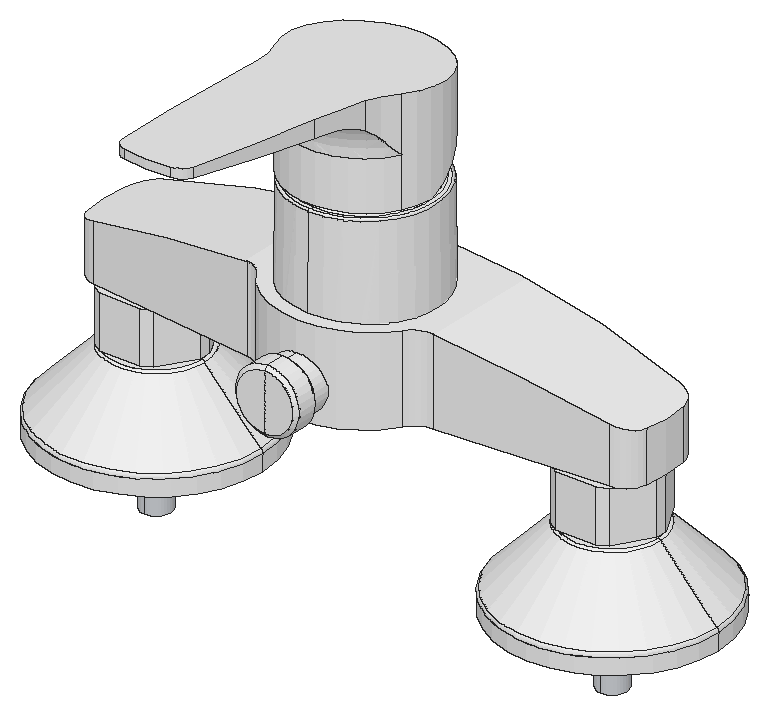
Revit family "Grohe_PlumbingFixture_Bauflow_SingleLeverShowerMixer_23632000a", category Plumbing Fixtures, host Face, Revit 2018
Family settings
  Host = Face
  Round Connector Dimension = Use Diameter
  Part Type = Normal
  Cut with Voids When Loaded = No
  Shared = No
  Room Calculation Point = No
Parameters (values of type "23632000")
  _ObjectUserGuide = "www.bimstore.co"
  _DistributedBy = "www.bimstore.co"
  _CurrentRevision = 1
  _CreatedBy = "www.bimstore.co"
  _BimSpecGuid = 0
  _BSBibleVersion = 16
  _AuthorizedBy = "bimstore"
  _Author = "RL"
  WarrantyStartDate [instance] = "Please record on commissioning."
  WarrantyGuarantorParts = "info-uk@grohe.com"
  WarrantyGuarantorLabor = "info-uk@grohe.com"
  WarrantyDurationUnit = "Years"
  WarrantyDurationParts = "0"
  WarrantyDurationLabor = "0"
  WarrantyDescription = "n/a"
  URL = "www.grohe.com"
  TypeName = "BauFlow - Single-lever shower mixer 1/2″"
  Type Comments = "Single-lever shower mixer 1/2″"
  SpareParts = "info-uk@grohe.com"
  Size = "n/a"
  Shape = "n/a"
  SerialNumber [instance] = "Please record on commissioning."
  ReplacementCost = "n/a"
  ReferencedStandard = "n/a"
  ProductionYear = "2020"
  ProductPageURL = "https://www.grohe-middleeast.com/en_cy/bauflow-single-lever-shower-mixer-1-2-23632000.html"
  ProductDocumentationLink = "n/a"
  PercentageOfRecycledContent = "n/a"
  NominalLength = 0 mm
  NominalHeight = 0 mm
  NominalDepth = 0 mm
  NBSReference = "45-35-70/335"
  NBSOfficeMasterTag = "n/a"
  NBSObjectName = "Grohe - Shower mixers"
  NBSNote = ""
  NBSDescription = "Shower mixers"
  ModelReference = "BauFlow - Single-lever shower mixer 1/2″"
  ModelNumber = "23632000"
  Model = "BauFlow"
  Material = "n/a"
  MasterformatTitle = "Sanitary Facilities"
  MasterformatNumber = "01 52 19"
  ManufacturerName = "Grohe"
  Manufacturer = "Grohe"
  LowEmittingMaterial = no
  LEEDCredit = "n/a"
  Keynote = "N13"
  InstallationDate [instance] = "Please record on commissioning."
  IndustryStandards = "n/a"
  IfcExportType = "IfcPipeFittingType"
  IfcExportAs = "IfcPipeFitting"
  HotWaterConnectionDiameter = 10 mm
  HWFU = 4.5
  Grade = "n/a"
  Finish = "n/a"
  Features = "wall mounted\r\nmetal lever\r\nGROHE Longlife 35 mm ceramic cartridge\r\nGROHE StarLight chrome finish\r\nshower bottom outlet 1/2\"\r\nS-unions\r\nmetal wall escutcheon"
  FaucetMaterial = Grohe-Chrome
  ExpectedLife = 0
  Ecojoy = no
  DurationUnit = "Years"
  DocumentationTechnical = "www.grohe.co.uk/"
  DocumentationMaintenance = "www.grohe.co.uk/"
  DocumentationLiterature = "www.grohe.co.uk/"
  DocumentationInstallationGuide = "www.grohe.co.uk/"
  DocumentationCertificates = "www.grohe.co.uk/"
  Description = "n/a"
  Default Elevation = 0 mm
  CreatedOn = "2020-03-01T09:00:00"
  CreatedBy = "info-uk@grohe.com"
  Cost = 0
  ContactGrohe = "info-uk@grohe.com"
  Constituents = "n/a"
  Color = "Chrome"
  ColdWaterConnectionDiameter = 10 mm
  CodePerformance = "n/a"
  ClassificationValue = "Pr_40_20_87_78"
  ClassificationName = "Uniclass 2015"
  CWFU = 4.5
  BarCode [instance] = "Please record on commissioning."
  BIMObjectName = "Grohe_PlumbingFixture_Bauflow_SingleLeverShowerMixer_23632000"
  AssetType = "Fixed"
  AssetIdentifier [instance] = "Please record on commissioning."
  Assembly Code = "D2010"
  AccessibilityPerformance = "n/a"
  ADACompliant = no
Reference planes
  plane 1 "Center (Front/Back)": y = 0
  plane 2: z = 0
  plane 3 "Center (Left/Right)": x = 0
  plane 4: y = -7.85
Forms (mm)
  Revolve 1, solid, material "Grohe-Chrome" <- "FaucetMaterial"
    sketch origin (0, 0, 0) x (1, 0, 0) y (0, 0, 1)
      loop
        line (-75, 0) -> (-75, 55.501) -> (-85.5, 55.501) -> (-85.5, 26) -> (-89.868, 26)
        arc (-89.868, 26) -> (-90.45, 25.882) -> (-90.942, 25.547) r 1.5
        line (-90.942, 25.547) -> (-109.432, 6.583)
        arc (-109.432, 6.583) -> (-109.853, 5.94) -> (-110, 5.186) r 2
        line (-110, 5.186) -> (-110, 0) -> (-75, 0)
      axis (-75, 55.501) -> (-75, 0)
    angle from 0 to 360
  Revolve 2, solid, material "Grohe-Chrome" <- "FaucetMaterial"
    sketch origin (0, 0, 0) x (-1, 0, 0) y (0, 0, 1)
      loop
        line (-75, 0) -> (-75, 55.501) -> (-85.5, 55.501) -> (-85.5, 26) -> (-89.868, 26)
        arc (-89.868, 26) -> (-90.45, 25.882) -> (-90.942, 25.547) r 1.5
        line (-90.942, 25.547) -> (-109.432, 6.583)
        arc (-109.432, 6.583) -> (-109.853, 5.94) -> (-110, 5.186) r 2
        line (-110, 5.186) -> (-110, 0) -> (-75, 0)
      axis (-75, 55.501) -> (-75, 0)
    angle from 0 to 360
  Revolve 3, solid, material "Grohe-Chrome" <- "FaucetMaterial"
    sketch origin (0, -8.7, 2.5) x (0, 1, 0) y (0, 0, 1)
      loop
        line (-40.4, 53.5) -> (-40.4, 44.22) -> (-39.2, 43.02) -> (-32.98, 43.02) -> (-31.5, 44.5) -> (-20.4, 44.5) -> (-20.4, 53.5) -> (-40.4, 53.5)
      axis (-20.4, 53.5) -> (-40.4, 53.5)
    angle from 0 to 360
  Extrusion 4, solid, material "Grohe-Chrome" <- "FaucetMaterial"
    sketch origin (0, 0, 0) x (1, 0, 0) y (0, 1, 0)
      loop
        line (-84.753, 13.108) -> (-91.228, 1.892) -> (-91.228, -1.892) -> (-84.753, -13.108) -> (-81.475, -15) -> (-68.525, -15) -> (-65.247, -13.108) -> (-58.772, -1.892) -> (-58.772, 1.892) -> (-65.247, 13.108) -> (-68.525, 15) -> (-81.475, 15) -> (-84.753, 13.108)
      loop
        line (84.753, 13.108) -> (81.475, 15) -> (68.525, 15) -> (65.247, 13.108) -> (58.772, 1.892) -> (58.772, -1.892) -> (65.247, -13.108) -> (68.525, -15) -> (81.475, -15) -> (84.753, -13.108) -> (91.228, -1.892) -> (91.228, 1.892) -> (84.753, 13.108)
    from 27.7 to 44.7
  Revolve 5, solid, material "Grohe-Chrome" <- "FaucetMaterial"
    sketch origin (0, 0, 0) x (0, 1, 0) y (0, 0, 1)
      loop
        line (-7.85, 121.099) -> (-7.85, 69.404) -> (15.675, 69.404) -> (15.371, 104.305)
        arc (15.371, 104.305) -> (15.193, 104.726) -> (14.771, 104.9) r 0.6
        line (14.771, 104.9) -> (13.442, 104.9)
        arc (13.442, 104.9) -> (13.021, 105.041) -> (12.769, 105.409) r 0.7
        arc (12.769, 105.409) -> (5.074, 116.689) -> (-7.85, 121.099) r 21.6
      axis (-7.85, 121.099) -> (-7.85, 69.404)
    angle from 0 to 360
  Extrusion 6, solid, material "Grohe-Chrome" <- "FaucetMaterial"
    sketch origin (0, 0, 0) x (1, 0, 0) y (0, 1, 0)
      loop
        arc (84.993, 14.958) -> (0, 20.61) -> (-84.993, 14.958) r 641.86
        arc (-84.993, 14.958) -> (-89.501, 12.774) -> (-91.826, 8.338) r 8
        arc (-91.826, 8.338) -> (-92.451, 0.798) -> (-91.842, -6.742) r 46.38
        arc (-91.842, -6.742) -> (-89.523, -11.187) -> (-85.013, -13.379) r 8
        arc (-85.013, -13.379) -> (-57.919, -16.428) -> (-30.717, -18.301) r 629.597
        arc (-30.717, -18.301) -> (-26.964, -19.44) -> (-24.204, -22.226) r 8
        arc (-24.204, -22.226) -> (-0.118, -35.983) -> (23.972, -22.235) r 27.972
        arc (23.972, -22.235) -> (26.734, -19.449) -> (30.487, -18.311) r 8
        arc (30.487, -18.311) -> (57.804, -16.438) -> (85.013, -13.379) r 629.597
        arc (85.013, -13.379) -> (89.523, -11.187) -> (91.842, -6.742) r 8
        arc (91.842, -6.742) -> (92.451, 0.798) -> (91.826, 8.338) r 46.38
        arc (91.826, 8.338) -> (89.501, 12.774) -> (84.993, 14.958) r 8
    from 45.53 to 75
  Sweep 7, void
    path origin (0, 0, 0) x (1, 0, 0) y (0, 0, 1)
      loop
        arc (-102.269, 59.002) -> (0, 74.743) -> (102.269, 59.002) r 340.097
    profile origin (0, 0, 74.743) x (0, 0, 1) y (0, -1, 0)
      loop
        line (0, 35.983) -> (0, -20.61) -> (15, -20.61) -> (15, 35.983) -> (0, 35.983)
  Extrusion 8, solid, material "Grohe-Chrome" <- "FaucetMaterial"
    sketch origin (0, 0, 0) x (1, 0, 0) y (0, 1, 0)
      loop
        arc (20.751, -18.879) -> (0, 15.65) -> (-20.751, -18.879) r 23.5
        arc (-20.751, -18.879) -> (-18.578, -24.105) -> (-17.425, -29.645) r 30
        arc (-17.425, -29.645) -> (-16.469, -39.156) -> (-15.714, -48.684) r 453.631
        arc (-15.714, -48.684) -> (-13.929, -70.867) -> (-11.622, -93.001) r 946.748
        arc (-11.622, -93.001) -> (-10.255, -95.896) -> (-7.411, -97.367) r 5
        arc (-7.411, -97.367) -> (0, -97.93) -> (7.411, -97.367) r 49.033
        arc (7.411, -97.367) -> (10.255, -95.896) -> (11.622, -93.001) r 5
        arc (11.622, -93.001) -> (13.929, -70.867) -> (15.714, -48.684) r 946.748
        arc (15.714, -48.684) -> (16.469, -39.156) -> (17.425, -29.645) r 453.631
        arc (17.425, -29.645) -> (18.578, -24.105) -> (20.751, -18.879) r 30
    from 106.899 to 152.104
  Revolve 9, void
    sketch origin (0, 0, 0) x (0, 1, 0) y (0, 0, 1)
      loop
        arc (-31.35, 123.046) -> (-34.944, 132.788) -> (-44.003, 137.862) r 15
        line (-44.003, 137.862) -> (-107.85, 147.974) -> (-107.85, 106.899) -> (-31.35, 106.899) -> (-31.35, 123.046)
      axis (-7.85, 147.974) -> (-7.85, 106.899)
    angle from -90 to 90
  Extrusion 10, void
    sketch origin (0, 0, 0) x (0, 1, 0) y (0, 0, 1)
      loop
        arc (-97.93, 149.366) -> (-41.056, 143.735) -> (15.65, 136.6) r 2159.829
        line (15.65, 136.6) -> (15.65, 152.104) -> (-97.93, 152.104) -> (-97.93, 149.366)
      loop
        line (-9.665, 106.899) -> (15.65, 106.899) -> (15.65, 122.718) -> (-9.665, 106.899)
    from -35 to 35
  Sweep 11, solid
    path in 3D
      loop
        line (75, 0, 0) -> (75, 0, -22.649)
    profile origin (75, 0, -11.324) x (0, -1, 0) y (1, 0, 0)
      loop
        circle (0, 0) r 4.75
  Sweep 12, solid
    path in 3D
      loop
        line (-75, 0, 0) -> (-75, 0, -22.649)
    profile origin (-75, 0, -11.324) x (0, -1, 0) y (1, 0, 0)
      loop
        circle (0, 0) r 4.75
Cuts and joins
  Sweep 7 cuts Extrusion 6
  Revolve 9, Extrusion 10 cuts Extrusion 8
  joined: Revolve 1, Revolve 2, Revolve 3, Extrusion 4, Revolve 5, Extrusion 6, Extrusion 8
Lines and regions (mm)
  sketch lines
    curve 1: line (75, 0, 0) -> (75, 0, -22.649)
    curve 2: line (-75, 0, 0) -> (-75, 0, -22.649)
Dimensions and locks
  aligned and locked: plane 2 to host face
  aligned and locked: level to host face
Connectors
  piping at (-75, 0, -22.649), diameter 10, driven by "HWFU"
    settings: on Sweep 12, index 21, connector inside diameter 609.6 mm, connector length 0 mm, flow factor 0, pipe flow 0.0 L/s, pressure drop 0.0 Pa, fitting loss kfactor 0, connector angle 0.00°, fixture units 4.5, engagement length 0 mm, angle of deflection 0.00°, flow configuration 3, flow direction 1, fitting loss method 4, system type 19, joint type 0, gender type 0, connector reference index -1, connector utility 0, adjustable connector no, is connector primary yes, connector description ""
  piping at (75, 0, -22.649), diameter 10, driven by "CWFU"
    settings: on Sweep 11, index 22, connector inside diameter 609.6 mm, connector length 0 mm, flow factor 0, pipe flow 0.0 L/s, pressure drop 0.0 Pa, fitting loss kfactor 0, connector angle 0.00°, fixture units 4.5, engagement length 0 mm, angle of deflection 0.00°, flow configuration 3, flow direction 1, fitting loss method 4, system type 20, joint type 0, gender type 0, connector reference index -1, connector utility 0, adjustable connector no, is connector primary no, connector description ""
